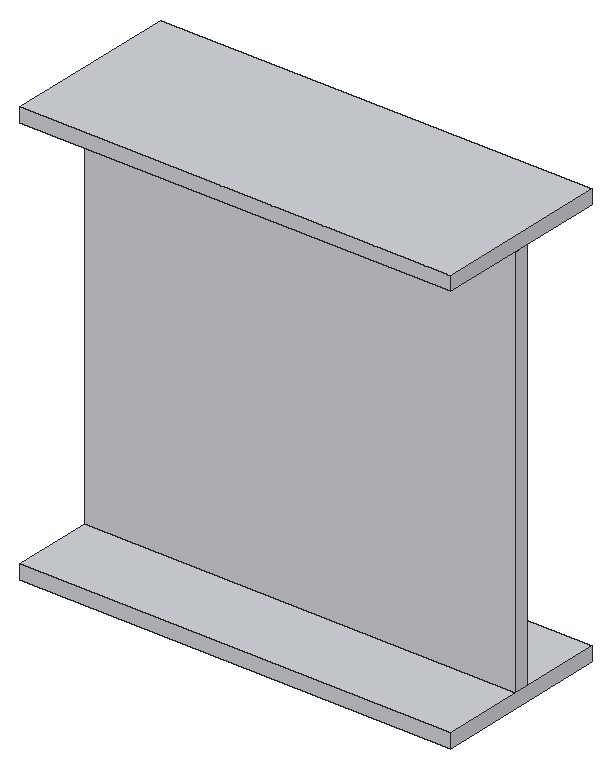
Revit family "StructuralFraming_FabricatedIProfile", category Structural Framing, Revit 2018
Family settings
  Section Shape = I-shape Welded
  Material for Model Behavior = Steel
  Always export as geometry = No
  Always vertical = Yes
  Cut with Voids When Loaded = No
  Symbolic Representation = From Project Settings
  Shared = No
  Show family pre-cut in plan views = Yes
Parameters (values of type "PG01")
  Structural Material [instance] = none
  Assembly Code = ""
  Length [instance] = 1500 mm
Reference planes
  plane 1 "Center (Front/Back)": y = 0
  plane 2: z = 0
  plane 3 "Center (Left/Right)": x = 4.61
  plane 4 "Member Left": x = -604.99
  plane 5 "Member Right": x = 614.21
  plane 6: y = 250
  plane 7: y = -250
  plane 8 "Top": z = 600
  plane 9: z = -600
  plane 10 "Left": x = -757.39
  plane 11 "Right": x = 742.61
  plane 12: y = -250
  plane 13: y = 250
  plane 14: z = 560
  plane 15: z = -560
  plane 16: y = 20
  plane 17: y = -20
Forms (mm)
  Sweep 1, solid, material <- "Structural Material", detail levels medium+fine
    path origin (0, 0, 0) x (1, 0, 0) y (0, 1, 0)
      loop
        line (614.21, 0) -> (-604.99, 0)
    profile origin (4.61, 0, 0) x (0, -1, 0) y (0, 0, 1)
      loop
        line (20, -560) -> (20, 560) -> (-20, 560) -> (-20, -560) -> (20, -560)
  Sweep 2, solid, material <- "Structural Material", detail levels medium+fine
    path origin (0, 0, 0) x (1, 0, 0) y (0, 1, 0)
      loop
        line (-604.99, 0) -> (614.21, 0)
    profile origin (4.61, 0, 0) x (0, 1, 0) y (0, 0, 1)
      loop
        line (250, -560) -> (-250, -560) -> (-250, -600) -> (250, -600) -> (250, -560)
  Sweep 3, solid, material <- "Structural Material", detail levels medium+fine
    path origin (0, 0, 0) x (1, 0, 0) y (0, 1, 0)
      loop
        line (-604.99, 0) -> (614.21, 0)
    profile origin (4.61, 0, 0) x (0, 1, 0) y (0, 0, 1)
      loop
        line (250, 600) -> (-250, 600) -> (-250, 560) -> (250, 560) -> (250, 600)
Lines and regions (mm)
  symbolic lines, style "Hidden Faces", detail levels medium+fine
    curve 1: line (614.21, -20, 0) -> (-604.99, -20, 0)
    curve 2: line (614.21, 20, 0) -> (-604.99, 20, 0)
  symbolic lines, style "Stick Symbols", detail levels coarse
    curve 3: line (4.61, 250, 600) -> (4.61, -250, 600)
    curve 4: line (4.61, -250, -600) -> (4.61, 250, -600)
    curve 5: line (4.61, 0, 600) -> (4.61, 0, -600)
Dimensions and locks
  "built-in parameter 1005532": plane 6 to plane 7
  "Height": plane 9 to plane 8 "Top"
  equal spacing: plane 9, plane 2, plane 8 "Top"
  equal spacing: plane 6, plane 1 "Center (Front/Back)", plane 7
  "Length": plane 10 "Left" to plane 11 "Right"
  plane 14 to plane 8 "Top" = 40 mm
  plane 15 to plane 9 = 40 mm
  equal spacing: plane 12, plane 1 "Center (Front/Back)", plane 13
  plane 12 to plane 13 = 500 mm
  equal spacing: plane 16, plane 1 "Center (Front/Back)", plane 17
  "Web Thickness": plane 16 to plane 17
  equal spacing: plane 13, plane 1 "Center (Front/Back)", plane 12
  "built-in parameter 1005531": plane 14 to plane 8 "Top"
  "built-in parameter 1005533": plane 15 to plane 9
  "built-in parameter 1005534": plane 13 to plane 12
  aligned and locked: Sweep 1 sketch curve to plane 1 "Center (Front/Back)"
  aligned and locked: plane 9 to curve 4
  aligned: Sweep 1 to plane 16
  aligned: Sweep 1 to plane 17
  aligned and locked: plane 13 to curve 4
  aligned and locked: plane 12 to curve 4
  aligned and locked: plane 8 "Top" to curve 3
  aligned and locked: plane 6 to curve 3
  aligned and locked: plane 7 to curve 3
  aligned and locked: plane 17 to Sweep 1 sketch curve
  aligned and locked: plane 15 to Sweep 1 sketch curve
  aligned and locked: plane 16 to Sweep 1 sketch curve
  aligned and locked: curve 5 to plane 1 "Center (Front/Back)"
  aligned and locked: plane 9 to curve 5
  aligned and locked: plane 8 "Top" to curve 5
  aligned and locked: Sweep 1 sketch curve to plane 14
  aligned and locked: curve 2 to Sweep 1
  aligned and locked: curve 1 to Sweep 1
  aligned and locked: plane 1 "Center (Front/Back)" to Sweep 2 sketch curve
  aligned and locked: plane 13 to Sweep 2 sketch curve
  aligned and locked: plane 15 to Sweep 2 sketch curve
  aligned and locked: plane 9 to Sweep 2 sketch curve
  aligned and locked: plane 12 to Sweep 2 sketch curve
  aligned and locked: plane 1 "Center (Front/Back)" to Sweep 3 sketch curve
  aligned and locked: plane 6 to Sweep 3 sketch curve
  aligned and locked: Sweep 3 sketch curve to plane 8 "Top"
  aligned and locked: plane 14 to Sweep 3 sketch curve
  aligned and locked: Sweep 3 sketch curve to plane 7
  aligned and locked: plane 2 to level
  aligned and locked: plane 4 "Member Left" to Sweep 1 sketch curve
  aligned and locked: plane 5 "Member Right" to Sweep 1 sketch curve
  aligned and locked: plane 4 "Member Left" to Sweep 2 sketch curve
  aligned and locked: plane 5 "Member Right" to Sweep 2 sketch curve
  aligned and locked: plane 4 "Member Left" to Sweep 3 sketch curve
  aligned and locked: plane 5 "Member Right" to Sweep 3 sketch curve
  aligned and locked: plane 4 "Member Left" to curve 1
  aligned and locked: plane 5 "Member Right" to curve 1
  aligned and locked: plane 4 "Member Left" to curve 2
  aligned and locked: plane 5 "Member Right" to curve 2
